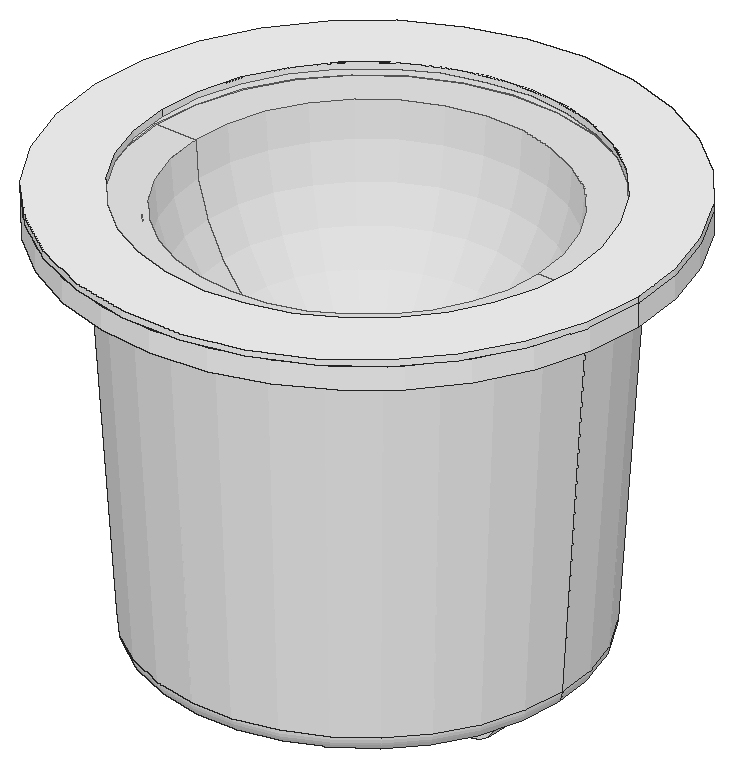
Revit family "2058864 Feilo Sylvania Lighting Fixture MYRD IP ST 4K PHDM WHT WBEZ", category Lighting Fixtures, host Face, Revit 2017
Family settings
  Host = Face
  Round Connector Dimension = Use Diameter
  Part Type = Normal
  OmniClass Number = 23.80.70.11.17
  OmniClass Title = Specialized Lighting by Location or Use
  Cut with Voids When Loaded = No
  Light Source = Yes
  Shared = No
  Room Calculation Point = No
Parameters
  Weight = "0.44 kg"
  Wattage = 10 W
  WarrantyStartDate [instance] = "n/a"
  WarrantyGuarantorParts = "n/a"
  WarrantyDurationUnit = "n/a"
  WarrantyDurationParts = "n/a"
  WarrantyDescription = "n/a"
  built-in parameter 1150110 = 1 (stored number, unit not read)
  Voltage = 230 V
  URL = "http://www.sylvania-lighting.com"
  TypeName = "MYRD IP ST 4K PHDM WHT WBEZ"
  Type Image = 0
  Type Comments = ""
  built-in parameter 1114217 = 1 (stored number, unit not read)
  Tilt Angle = -90°
  built-in parameter 1150109 = 1 (stored number, unit not read)
  built-in parameter 1150134 = 12
  built-in parameter 1150113 = 1 (stored number, unit not read)
  SerialNumber [instance] = "n/a"
  Reflector Radius = Cutout Diameter / 2 - 2.5 mm  # 35.0 mm
  Reflector Material = Aluminum_Sylvania_Myriad_Bright
  Recessed Depth = Height  # 72.0 mm
  PowerFactor = 0
  PowerConsumption = "10 W"
  Photometric Web File = ""
  NominalWidth = 0.0 mm
  NominalLength = 76.0 mm
  NominalHeight = 72.0 mm
  Name = "MYRD IP ST 4K PHDM WHT WBEZ"
  ModelReference = "MYRD IP ST 4K PHDM WHT WBEZ"
  ModelNumber = "2058864"
  Material = "Aluminium"
  ManufacturerName = "Feilo Sylvania"
  LuminousEfficacy = "113 lm/W"
  LuminaireType = "Ceiling recessed"
  LightOutputRatio = "1"
  LampsType = Lamp  # "LED"
  LampNominalLuminous = "1132 lm"
  LampMacAdamStep = "n/a"
  LampColourTemperature = "4000 K"
  LampColourRenderingIndex = "n/a"
  Keynote = "16500"
  Keynote_2 = "16500"
  InstallationDate [instance] = "n/a"
  InputVoltage = "230-240V~"
  InputNominalFrequency = "50/60 Hz"
  IngressProtection = "IP65"
  ImpactProtectionIndex = "IK02"
  IfcExportType = "IfcLightFixtureType"
  IfcExportAs = "IfcLightFixtureType"
  Height = 72.0 mm  # constant formula
  ExpectedLife = 50000
  Emit from Circle Diameter = Accessory Inner Diameter 2  # 68.0 mm
  Emit Shape Visible in Rendering = no
  ElectricShockClassification = "Class II"
  DurationUnit = "hours"
  DocumentationLiterature = "http://www.sylvania-lighting.com/product/en-int/products/2058864"
  DimmingControlOptions = "Dimmable"
  Diffuser Material = Glass_Sylvania_Myriad_Clear_4000K
  Diffuser Diameter = Cutout Diameter  # 75.0 mm
  Cutout Diameter = 75.0 mm  # constant formula
  CreatedOn = "03-11-2017"
  CreatedBy = ""
  Cost = 0
  built-in parameter 1114216 [instance] = 1 (stored number, unit not read)
  built-in parameter 1150142 = (empty or 0)
  Model = "MYRD IP ST 4K PHDM WHT WBEZ"
  Manufacturer = "Feilo Sylvania"  # constant formula
  built-in parameter 1150105 = 89.923 (stored number, unit not read)
  Lumens = 1130 lm
  built-in parameter 1150115 = 1 (stored number, unit not read)
  built-in parameter 1150137 = (empty or 0)
  built-in parameter 1150139 = (empty or 0)
  built-in parameter 1150112 = 1 (stored number, unit not read)
  built-in parameter 1150114 = 1 (stored number, unit not read)
  Lamp = "LED"
  built-in parameter 1150132 = (empty or 0)
  built-in parameter 1150102 = (empty or 0)
  built-in parameter 1150107 = 4000 (stored number, unit not read)
  built-in parameter 1150138 = (empty or 0)
  built-in parameter 1150106 = 0.89923 (stored number, unit not read)
  built-in parameter 1150104 = 10.498 (stored number, unit not read)
  Dimming Lamp Color Temperature Shift = (empty or 0)
  Description = "Supplied complete with electronic control gear Compact Fluorescent low energy downlight Emergency version passes through the cut out Ideal for low level orientation lighting New range of Architectural accessories each providing a different lit dimension New completely flush plaster up accessory ring for clean ceiling lines and smooth finish Order lamp separately"  # constant formula
  Default Elevation = 0.0 mm
  Color Filter = 16777215
  built-in parameter 1140040 [instance] = 1
  Body Radius = Reflector Radius + 1.5 mm  # 36.5 mm
  Body Material = Aluminum_Sylvania_Myriad_Gray
  BarCode [instance] = "n/a"
  built-in parameter 1114218 = 1 (stored number, unit not read)
  built-in parameter 1150133 = 10 (stored number, unit not read)
  AssetType = "Fixed"
  AssetIdentifier [instance] = "n/a"
  Assembly Code = "D5020200"
  Apparent Load = 10 VA
  Accessory Material = Aluminum_Sylvania_Myriad_White
  Accessory Inner Diameter 2 = Accessory Diameter - 22.0 mm  # 68.0 mm
  Accessory Inner Diameter 1 = Accessory Diameter - 2.0 mm  # 88.0 mm
  Accessory Diameter = Cutout Diameter + 15.0 mm  # 90.0 mm
Reference planes
  plane 1 "Center (Front/Back)": y = 0
  plane 2: z = 0
  plane 3 "Center (Left/Right)": x = 0
  plane 4: z = 2
  plane 5 "Fixture Bottom": z = 4.5
  plane 6: z = -28.5
  plane 7: z = -61.5
  plane 8 "Fixture Top": z = -67.5
  plane 9: z = 3.5
Forms (mm)
  Revolve 1, solid, material "Aluminum_Sylvania_Myriad_Bright" <- "Reflector Material", detail levels fine
    sketch origin (0, 0, 0) x (1, 0, 0) y (0, 0, 1)
      loop
        line (0, -27.515) -> (-6, -27.515)
        arc (-6, -27.515) -> (-22.333, -16.632) -> (-28.5, 2) r 30.135
        line (-28.5, 2) -> (-35, 2) -> (-35, 0) -> (-29.184, 0)
        arc (-29.184, 0) -> (-22.423, -18.18) -> (-6, -28.5) r 30.204
        line (-6, -28.5) -> (0, -28.5) -> (0, -27.515)
      axis (0, -28.5) -> (0, 2)
    angle from 0 to 360
  Revolve 2, solid, material "Aluminum_Sylvania_Myriad_Gray" <- "Body Material", detail levels fine
    sketch origin (0, 0, 0) x (1, 0, 0) y (0, 0, 1)
      loop
        line (-44, 2) -> (-44, 0) -> (-36.5, 0) -> (-32.42, -58.708)
        arc (-32.42, -58.708) -> (-31.474, -60.694) -> (-29.428, -61.5) r 3
        line (-29.428, -61.5) -> (0, -61.5) -> (0, -28.5) -> (-6, -28.5)
        arc (-6, -28.5) -> (-22.423, -18.18) -> (-29.184, 0) r 30.204
        line (-29.184, 0) -> (-35, 0) -> (-35, 2) -> (-44, 2)
      axis (0, 2) -> (0, -61.5)
    angle from 0 to 360
  Extrusion 3, solid, material "Aluminum_Sylvania_Myriad_Gray" <- "Body Material", detail levels fine
    sketch origin (0, 0, 0) x (1, 0, 0) y (0, 0, 1)
      loop
        line (-13.5, -67.5) -> (21, -67.5)
        arc (21, -67.5) -> (23.828, -66.328) -> (25, -63.5) r 4
        line (25, -63.5) -> (25, -61.5) -> (-17.5, -61.5) -> (-17.5, -63.5)
        arc (-17.5, -63.5) -> (-16.328, -66.328) -> (-13.5, -67.5) r 4
    from -4.5 to 4.5
  Extrusion 4, solid, material "Aluminum_Sylvania_Myriad_White" <- "Accessory Material", detail levels fine
    sketch origin (0, 0, 0) x (1, 0, 0) y (0, 1, 0)
      loop
        circle (0, 0) r 45
      loop
        circle (0, 0) r 44
    from 0 to 3.5
  Extrusion 5, solid, material "Aluminum_Sylvania_Myriad_White" <- "Accessory Material", detail levels fine
    sketch origin (0, 0, 0) x (1, 0, 0) y (0, 1, 0)
      loop
        circle (0, 0) r 45
      loop
        circle (0, 0) r 34
    from 3.5 to 4.5
  Extrusion 6, solid, material "Aluminum_Sylvania_Myriad_White" <- "Accessory Material", detail levels coarse+medium
    sketch origin (0, 0, 0) x (1, 0, 0) y (0, 1, 0)
      loop
        circle (0, 0) r 45
    from 0 to 4.5
  Revolve 7, solid, detail levels coarse+medium
    sketch origin (0, 0, 0) x (1, 0, 0) y (0, 0, 1)
      loop
        line (36.5, 0) -> (0, 0) -> (0, -61.5) -> (32.226, -61.5) -> (36.5, 0)
      axis (0, 0) -> (0, -61.5)
    angle from 0 to 360
  Extrusion 8, void
    sketch origin (0, 0, 0) x (1, 0, 0) y (0, 1, 0)
      loop
        circle (0, 0) r 37.5
    from -67.5 to 0
  Extrusion 9, solid, material "Glass_Sylvania_Myriad_Clear_4000K" <- "Diffuser Material", detail levels fine
    sketch origin (0, 0, 0) x (1, 0, 0) y (0, 1, 0)
      loop
        circle (0, 0) r 37.5
    from 2 to 3.5
Cuts and joins
  joined: Extrusion 4, Extrusion 5
Lines and regions (mm)
  Masking region 1
    outline origin (0, 0, 0) x (1, 0, 0) y (0, 1, 0)
      loop
        circle (0, 0) r 45
  symbolic lines
    curve 1: arc (-34, 0, 0) -> (0, 34, 0) -> (34, 0, 0) r 34
    curve 2: arc (34, 0, 0) -> (0, -34, 0) -> (-34, 0, 0) r 34
Dimensions and locks
  locked: plane 7 to plane 8 "Fixture Top" at 6
  "Body Radius": Revolve 7 sketch curve to plane 3 "Center (Left/Right)"
  locked: Revolve 7 sketch curve to Revolve 7 sketch curve at 4.274
  plane 5 "Fixture Bottom" to plane 9 to plane 4 to plane 2 to plane 6 = 1.0 mm locked, 1.5 mm locked, 2.0 mm locked, 28.5 mm locked
  "Reflector Radius": Revolve 1 sketch curve to plane 3 "Center (Left/Right)"
  Revolve 1 sketch curve to Revolve 1 sketch curve to Revolve 1 sketch curve to Revolve 1 sketch curve = 6.5 mm locked, 22.5 mm locked, 0.0 mm locked
  "Reflector Radius": plane 3 "Center (Left/Right)" to Revolve 2 sketch curve
  Revolve 2 sketch curve to Revolve 2 sketch curve to Revolve 2 sketch curve = 7.5 mm locked, 1.5 mm locked
  Revolve 2 sketch curve to Revolve 2 sketch curve to Revolve 2 sketch curve = 5.816 mm locked, 23.184 mm locked
  Revolve 2 sketch curve to Revolve 2 sketch curve to Revolve 2 sketch curve = 2.58 mm locked, 2.993 mm locked
  "Accessory Diameter": diameter of Extrusion 4 sketch curve
  "Accessory Inner Diameter 1": diameter of Extrusion 4 sketch curve
  "Accessory Diameter": diameter of Extrusion 5 sketch curve
  "Accessory Diameter": diameter of Extrusion 6 sketch curve
  "Cutout Diameter": diameter of Extrusion 8 sketch curve
  "Accessory Inner Diameter 2": diameter of Extrusion 5 sketch curve
  "Diffuser Diameter": diameter of Extrusion 9 sketch curve
  aligned and locked: plane 2 to host face
  aligned and locked: level to host face
  aligned and locked: plane 1 "Center (Front/Back)" to imposter light
  aligned and locked: plane 3 "Center (Left/Right)" to imposter light
  aligned and locked: Revolve 1 sketch curve to imposter light
  aligned and locked: Extrusion 3 sketch curve to plane 8 "Fixture Top"
  aligned and locked: plane 7 to Extrusion 3 sketch curve
  aligned and locked: Extrusion 4 to plane 2
  aligned and locked: plane 9 to Extrusion 4
  aligned and locked: Extrusion 5 to plane 9
  aligned and locked: plane 5 "Fixture Bottom" to Extrusion 5
  aligned and locked: Extrusion 6 to plane 2
  aligned and locked: plane 5 "Fixture Bottom" to Extrusion 6
  aligned and locked: Extrusion 8 to plane 8 "Fixture Top"
  aligned and locked: plane 2 to Extrusion 8
  aligned and locked: Masking region 1 sketch curve to Extrusion 6  (x2)
  aligned and locked: Extrusion 9 to plane 4
  aligned and locked: plane 9 to Extrusion 9
  aligned and locked: plane 4 to Revolve 2 sketch curve
  aligned and locked: Revolve 2 sketch curve to plane 2
  aligned and locked: curve 1 to cut or joined group of Extrusion 4, Extrusion 5
  aligned and locked: curve 2 to cut or joined group of Extrusion 4, Extrusion 5
  aligned and locked: imposter light to plane 5 "Fixture Bottom"
Automatic sketch dimensions
  host sketch curve to host sketch curve = 1305.563 mm
  host sketch curve to host sketch curve = 1283.632 mm
  Extrusion 3 sketch curve to plane 7 = 2.0 mm
  Extrusion 3 sketch curve to plane 3 "Center (Left/Right)" = 13.5 mm
  plane 3 "Center (Left/Right)" to Extrusion 3 sketch curve = 21.0 mm
  Extrusion 3 sketch curve to Extrusion 3 sketch curve = 4.0 mm
  Revolve 1 sketch curve to level = 0.0 mm
  Revolve 1 sketch curve to plane 3 "Center (Left/Right)" = 0.0 mm
  Revolve 1 sketch curve to plane 6 = 0.0 mm
  Revolve 1 sketch curve to plane 4 = 0.0 mm
  Revolve 1 sketch curve to Revolve 1 sketch curve = 0.684 mm
  level to Revolve 1 sketch curve = 0.88 mm
  Revolve 1 sketch curve to plane 4 = 0.363 mm
  Revolve 1 sketch curve to Revolve 1 sketch curve = 0.625 mm
  Revolve 1 sketch curve to plane 8 "Fixture Top" = 232.8 mm
  plane 5 "Fixture Bottom" to Revolve 1 sketch curve = 291.243 mm
  Revolve 2 sketch curve to plane 3 "Center (Left/Right)" = 0.0 mm  (x2)
  Revolve 2 sketch curve to plane 7 = 0.0 mm
  Revolve 2 sketch curve to plane 6 = 0.0 mm
  Revolve 2 sketch curve to level = 0.0 mm
  level to Revolve 2 sketch curve = 0.88 mm
  plane 7 to Revolve 2 sketch curve = 2.792 mm
  Revolve 2 sketch curve to plane 8 "Fixture Top" = 304.774 mm
  plane 5 "Fixture Bottom" to Revolve 2 sketch curve = 1137.105 mm
  Extrusion 4 sketch curve to Extrusion 4 sketch curve = 0.0 mm  (x2)
  plane 1 "Center (Front/Back)" to Extrusion 4 sketch curve = 0.0 mm
  Extrusion 4 sketch curve to plane 3 "Center (Left/Right)" = 0.0 mm
  Extrusion 5 sketch curve to Extrusion 5 sketch curve = 0.0 mm  (x2)
  plane 1 "Center (Front/Back)" to Extrusion 5 sketch curve = 0.0 mm
  Extrusion 5 sketch curve to plane 3 "Center (Left/Right)" = 0.0 mm
  plane 1 "Center (Front/Back)" to Extrusion 6 sketch curve = 0.0 mm
  Extrusion 6 sketch curve to plane 3 "Center (Left/Right)" = 0.0 mm
  Revolve 7 sketch curve to level = 0.0 mm
  Revolve 7 sketch curve to plane 3 "Center (Left/Right)" = 0.0 mm  (x2)
  Revolve 7 sketch curve to plane 7 = 0.0 mm
  Revolve 7 sketch curve to plane 8 "Fixture Top" = 304.774 mm
  plane 5 "Fixture Bottom" to Revolve 7 sketch curve = 43.226 mm
  plane 1 "Center (Front/Back)" to Extrusion 8 sketch curve = 0.0 mm
  Extrusion 8 sketch curve to plane 3 "Center (Left/Right)" = 0.0 mm
  plane 1 "Center (Front/Back)" to Extrusion 9 sketch curve = 0.0 mm
  Extrusion 9 sketch curve to plane 3 "Center (Left/Right)" = 0.0 mm
Connectors
  electrical at (-0.006, -0.019, -67.5), driven by "Apparent Load", driven by "Apparent Load"
    settings: on plane 8 "Fixture Top", index 1, voltage 230 V, apparent load 10 VA, apparent load phase1 10 VA, apparent load phase2 0 VA, apparent load phase3 0 VA, power factor 1, load classification "Lighting", number of poles 1, system type 30, power factor state 1, is connector primary yes, connector utility no, sub classification motor no, connector description ""
